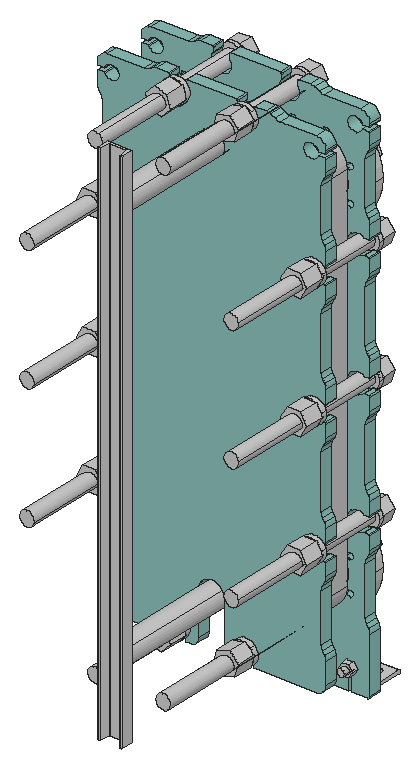
Revit family "Ekin_Endüstriyel - MIT522", category Specialty Equipment, Revit 2022
Family settings
  Round Connector Dimension = Use Diameter
  Part Type = Normal
  Work Plane-Based = No
  Always vertical = No
  Cut with Voids When Loaded = No
  Maintain Annotation Orientation = No
  Shared = No
  Room Calculation Point = No
Parameters (values of type "Flanged")
  URL = "https://en.ekinendustriyel.com/plate-heat-exchanger"
  Type Comments = ""
  Thickness_of_Plate = 0.50 mm  # constant formula
  Number_of_Plate [instance] = 20
  Model = if(Hygienic, if(Design Pressure < 11.0 bar, "H12340000F100L", if(Design Pressure < 16.0 bar, " H12340000F100M", " H12340000F100H")), if(Design Pressure < 10.0 bar, "E12340000F100L", if(Design Pressure < 16.0 bar, " E12340000F100M", " E12340000F100H")))  # "H12340000F100L"
  Material = Galvanized Steel- S235JR
  Manufacturer = "Ekin Endüstriyel"
  Lk [instance] = (Number_of_Plate) * ((Thickness_of_Plate) + 3.90 mm)  # 88.00 mm
  Lh [instance] = 1090.00 mm  # constant formula
  Lf [instance] = 1035.00 mm  # constant formula
  Lc [instance] = if(Number_of_Plate < 26, 350.00 mm, if(Number_of_Plate < 46, 500.00 mm, if(Number_of_Plate < 71, 750.00 mm, if(Number_of_Plate < 101, 1000.00 mm, if(Number_of_Plate < 131, 1250.00 mm, if(Number_of_Plate < 171, 1500.00 mm, if(Number_of_Plate < 211, 1750.00 mm, 2000.00 mm)))))))  # 350.00 mm
  La [instance] = 470.00 mm  # constant formula
  Keynote = ""
  Industrial = not(Hygienic)  # no
  Hygienic = yes
  Head & Follower Plate [instance] = if(Design Pressure < 11.0 bar, 25.00 mm, if(Design Pressure < 17.0 bar, 35.00 mm, 45.00 mm))  # 25.00 mm
  Follower Plate [instance] = -(Head & Follower Plate)  # -25.00 mm
  Design Pressure = 6.89476 bar
  Description = if(Design Pressure < 11.0 bar, "MIT - Heat Exchanger - 10 bar", if(Design Pressure < 16.0 bar, " MIT - Heat Exchanger - 16 bar", " MIT - Heat Exchanger - 25 bar"))  # "MIT - Heat Exchanger - 10 bar"
  Default Elevation = 0.00 mm
Reference planes
  plane 1 "Center (Front/Back)": y = 0
  plane 2: z = 0
  plane 3 "Center (Left/Right)": x = 0
  plane 4: x = 1160
  plane 5: x = -1000
  plane 6 "2": y = -113
  plane 7 "1": y = -25
  plane 8 "3": y = -375
  plane 9 "Bolt End": y = 18.7
  plane 10: y = -350
Forms (mm)
  Extrusion 1, solid, material "Galvanized Steel", detail levels fine
    sketch origin (4.063, 0, 0) x (1, 0, 0) y (0, 0, 1)
      loop
        line (82.957, 1088) -> (82.957, 1078.933)
        arc (82.957, 1078.933) -> (83.045, 1078.344) -> (83.303, 1077.808) r 2
        arc (83.303, 1077.808) -> (65.937, 1045) -> (48.571, 1077.808) r 21
        arc (48.571, 1077.808) -> (48.829, 1078.344) -> (48.917, 1078.933) r 2
        line (48.917, 1078.933) -> (48.917, 1088)
        arc (48.917, 1088) -> (48.332, 1089.414) -> (46.917, 1090) r 2
        line (46.917, 1090) -> (-55.043, 1090)
        arc (-55.043, 1090) -> (-56.458, 1089.414) -> (-57.043, 1088) r 2
        line (-57.043, 1088) -> (-57.043, 1078.933)
        arc (-57.043, 1078.933) -> (-56.955, 1078.344) -> (-56.697, 1077.808) r 2
        arc (-56.697, 1077.808) -> (-74.063, 1045) -> (-91.429, 1077.808) r 21
        arc (-91.429, 1077.808) -> (-91.171, 1078.344) -> (-91.083, 1078.933) r 2
        line (-91.083, 1078.933) -> (-91.083, 1088)
        arc (-91.083, 1088) -> (-91.668, 1089.414) -> (-93.083, 1090) r 2
        line (-93.083, 1090) -> (-116.204, 1090)
        arc (-116.204, 1090) -> (-121.38, 1089.319) -> (-126.204, 1087.321) r 20
        line (-126.204, 1087.321) -> (-134.243, 1082.679)
        arc (-134.243, 1082.679) -> (-139.066, 1080.681) -> (-144.243, 1080) r 20
        line (-144.243, 1080) -> (-219.063, 1080)
        arc (-219.063, 1080) -> (-233.205, 1074.142) -> (-239.063, 1060) r 20
        line (-239.063, 1060) -> (-239.063, 1055)
        arc (-239.063, 1055) -> (-238.477, 1053.586) -> (-237.063, 1053) r 2
        line (-237.063, 1053) -> (-224.969, 1053)
        arc (-224.969, 1053) -> (-223.831, 1053.355) -> (-223.098, 1054.294) r 2
        arc (-223.098, 1054.294) -> (-194.063, 1049) -> (-223.098, 1043.706) r 15
        arc (-223.098, 1043.706) -> (-223.831, 1044.645) -> (-224.969, 1045) r 2
        line (-224.969, 1045) -> (-237.063, 1045)
        arc (-237.063, 1045) -> (-238.477, 1044.414) -> (-239.063, 1043) r 2
        line (-239.063, 1043) -> (-239.063, 1019.179)
        arc (-239.063, 1019.179) -> (-238.382, 1014.003) -> (-236.384, 1009.179) r 20
        line (-236.384, 1009.179) -> (-231.743, 1001.141)
        arc (-231.743, 1001.141) -> (-229.745, 996.317) -> (-229.063, 991.141) r 20
        line (-229.063, 991.141) -> (-229.063, 901.859)
        arc (-229.063, 901.859) -> (-229.745, 896.683) -> (-231.743, 891.859) r 20
        line (-231.743, 891.859) -> (-236.384, 883.821)
        arc (-236.384, 883.821) -> (-238.382, 878.997) -> (-239.063, 873.821) r 20
        line (-239.063, 873.821) -> (-239.063, 847.25)
        arc (-239.063, 847.25) -> (-238.477, 845.836) -> (-237.063, 845.25) r 2
        line (-237.063, 845.25) -> (-228.061, 845.25)
        arc (-228.061, 845.25) -> (-227.418, 845.356) -> (-226.844, 845.663) r 2
        arc (-226.844, 845.663) -> (-193.063, 829) -> (-226.844, 812.337) r 21
        arc (-226.844, 812.337) -> (-227.418, 812.644) -> (-228.061, 812.75) r 2
        line (-228.061, 812.75) -> (-237.063, 812.75)
        arc (-237.063, 812.75) -> (-238.477, 812.164) -> (-239.063, 810.75) r 2
        line (-239.063, 810.75) -> (-239.063, 784.179)
        arc (-239.063, 784.179) -> (-238.382, 779.003) -> (-236.384, 774.179) r 20
        line (-236.384, 774.179) -> (-231.743, 766.141)
        arc (-231.743, 766.141) -> (-229.745, 761.317) -> (-229.063, 756.141) r 20
        line (-229.063, 756.141) -> (-229.063, 646.859)
        arc (-229.063, 646.859) -> (-229.745, 641.683) -> (-231.743, 636.859) r 20
        line (-231.743, 636.859) -> (-236.384, 628.821)
        arc (-236.384, 628.821) -> (-238.382, 623.997) -> (-239.063, 618.821) r 20
        line (-239.063, 618.821) -> (-239.063, 592.25)
        arc (-239.063, 592.25) -> (-238.477, 590.836) -> (-237.063, 590.25) r 2
        line (-237.063, 590.25) -> (-228.061, 590.25)
        arc (-228.061, 590.25) -> (-227.418, 590.356) -> (-226.844, 590.663) r 2
        arc (-226.844, 590.663) -> (-193.063, 574) -> (-226.844, 557.337) r 21
        arc (-226.844, 557.337) -> (-227.418, 557.644) -> (-228.061, 557.75) r 2
        line (-228.061, 557.75) -> (-237.063, 557.75)
        arc (-237.063, 557.75) -> (-238.477, 557.164) -> (-239.063, 555.75) r 2
        line (-239.063, 555.75) -> (-239.063, 529.179)
        arc (-239.063, 529.179) -> (-238.382, 524.003) -> (-236.384, 519.179) r 20
        line (-236.384, 519.179) -> (-231.743, 511.141)
        arc (-231.743, 511.141) -> (-229.745, 506.317) -> (-229.063, 501.141) r 20
        line (-229.063, 501.141) -> (-229.063, 391.859)
        arc (-229.063, 391.859) -> (-229.745, 386.683) -> (-231.743, 381.859) r 20
        line (-231.743, 381.859) -> (-236.384, 373.821)
        arc (-236.384, 373.821) -> (-238.382, 368.997) -> (-239.063, 363.821) r 20
        line (-239.063, 363.821) -> (-239.063, 337.25)
        arc (-239.063, 337.25) -> (-238.477, 335.836) -> (-237.063, 335.25) r 2
        line (-237.063, 335.25) -> (-228.061, 335.25)
        arc (-228.061, 335.25) -> (-227.418, 335.356) -> (-226.844, 335.663) r 2
        arc (-226.844, 335.663) -> (-193.063, 319) -> (-226.844, 302.337) r 21
        arc (-226.844, 302.337) -> (-227.418, 302.644) -> (-228.061, 302.75) r 2
        line (-228.061, 302.75) -> (-237.063, 302.75)
        arc (-237.063, 302.75) -> (-238.477, 302.164) -> (-239.063, 300.75) r 2
        line (-239.063, 300.75) -> (-239.063, 274.179)
        arc (-239.063, 274.179) -> (-238.382, 269.003) -> (-236.384, 264.179) r 20
        line (-236.384, 264.179) -> (-231.743, 256.141)
        arc (-231.743, 256.141) -> (-229.745, 251.317) -> (-229.063, 246.141) r 20
        line (-229.063, 246.141) -> (-229.063, 146.859)
        arc (-229.063, 146.859) -> (-229.745, 141.683) -> (-231.743, 136.859) r 20
        line (-231.743, 136.859) -> (-236.384, 128.821)
        arc (-236.384, 128.821) -> (-238.382, 123.997) -> (-239.063, 118.821) r 20
        line (-239.063, 118.821) -> (-239.063, 5)
        arc (-239.063, 5) -> (-237.599, 1.464) -> (-234.063, 0) r 5
        line (-234.063, 0) -> (-202.063, 0) -> (-202.063, 34.417)
        arc (-202.063, 34.417) -> (-199.063, 56) -> (-196.063, 34.417) r 11
        line (-196.063, 34.417) -> (-196.063, 0) -> (-164.063, 0)
        arc (-164.063, 0) -> (-160.527, 1.464) -> (-159.063, 5) r 5
        line (-159.063, 5) -> (-159.063, 19.216)
        arc (-159.063, 19.216) -> (-157.541, 26.869) -> (-153.205, 33.358) r 20
        line (-153.205, 33.358) -> (-137.421, 49.142)
        arc (-137.421, 49.142) -> (-130.932, 53.478) -> (-123.279, 55) r 20
        line (-123.279, 55) -> (-92.313, 55)
        arc (-92.313, 55) -> (-90.899, 55.586) -> (-90.313, 57) r 2
        line (-90.313, 57) -> (-90.313, 66.002)
        arc (-90.313, 66.002) -> (-90.419, 66.645) -> (-90.726, 67.219) r 2
        arc (-90.726, 67.219) -> (-74.063, 101) -> (-57.4, 67.219) r 21
        arc (-57.4, 67.219) -> (-57.707, 66.645) -> (-57.813, 66.002) r 2
        line (-57.813, 66.002) -> (-57.813, 57)
        arc (-57.813, 57) -> (-57.227, 55.586) -> (-55.813, 55) r 2
        line (-55.813, 55) -> (47.687, 55)
        arc (47.687, 55) -> (49.101, 55.586) -> (49.687, 57) r 2
        line (49.687, 57) -> (49.687, 66.002)
        arc (49.687, 66.002) -> (49.581, 66.645) -> (49.274, 67.219) r 2
        arc (49.274, 67.219) -> (65.937, 101) -> (82.6, 67.219) r 21
        arc (82.6, 67.219) -> (82.293, 66.645) -> (82.187, 66.002) r 2
        line (82.187, 66.002) -> (82.187, 57)
        arc (82.187, 57) -> (82.773, 55.586) -> (84.187, 55) r 2
        line (84.187, 55) -> (115.153, 55)
        arc (115.153, 55) -> (122.806, 53.478) -> (129.295, 49.142) r 20
        line (129.295, 49.142) -> (145.079, 33.358)
        arc (145.079, 33.358) -> (149.415, 26.869) -> (150.937, 19.216) r 20
        line (150.937, 19.216) -> (150.937, 5)
        arc (150.937, 5) -> (152.401, 1.464) -> (155.937, 0) r 5
        line (155.937, 0) -> (187.937, 0) -> (187.937, 34.417)
        arc (187.937, 34.417) -> (190.937, 56) -> (193.937, 34.417) r 11
        line (193.937, 34.417) -> (193.937, 0) -> (225.937, 0)
        arc (225.937, 0) -> (229.473, 1.464) -> (230.937, 5) r 5
        line (230.937, 5) -> (230.937, 118.821)
        arc (230.937, 118.821) -> (230.255, 123.997) -> (228.257, 128.821) r 20
        line (228.257, 128.821) -> (223.616, 136.859)
        arc (223.616, 136.859) -> (221.618, 141.683) -> (220.937, 146.859) r 20
        line (220.937, 146.859) -> (220.937, 246.141)
        arc (220.937, 246.141) -> (221.618, 251.317) -> (223.616, 256.141) r 20
        line (223.616, 256.141) -> (228.257, 264.179)
        arc (228.257, 264.179) -> (230.255, 269.003) -> (230.937, 274.179) r 20
        line (230.937, 274.179) -> (230.937, 300.75)
        arc (230.937, 300.75) -> (230.351, 302.164) -> (228.937, 302.75) r 2
        line (228.937, 302.75) -> (219.935, 302.75)
        arc (219.935, 302.75) -> (219.292, 302.644) -> (218.718, 302.337) r 2
        arc (218.718, 302.337) -> (184.937, 319) -> (218.718, 335.663) r 21
        arc (218.718, 335.663) -> (219.292, 335.356) -> (219.935, 335.25) r 2
        line (219.935, 335.25) -> (228.937, 335.25)
        arc (228.937, 335.25) -> (230.351, 335.836) -> (230.937, 337.25) r 2
        line (230.937, 337.25) -> (230.937, 363.821)
        arc (230.937, 363.821) -> (230.255, 368.997) -> (228.257, 373.821) r 20
        line (228.257, 373.821) -> (223.616, 381.859)
        arc (223.616, 381.859) -> (221.618, 386.683) -> (220.937, 391.859) r 20
        line (220.937, 391.859) -> (220.937, 501.141)
        arc (220.937, 501.141) -> (221.618, 506.317) -> (223.616, 511.141) r 20
        line (223.616, 511.141) -> (228.257, 519.179)
        arc (228.257, 519.179) -> (230.255, 524.003) -> (230.937, 529.179) r 20
        line (230.937, 529.179) -> (230.937, 555.75)
        arc (230.937, 555.75) -> (230.351, 557.164) -> (228.937, 557.75) r 2
        line (228.937, 557.75) -> (219.935, 557.75)
        arc (219.935, 557.75) -> (219.292, 557.644) -> (218.718, 557.337) r 2
        arc (218.718, 557.337) -> (184.937, 574) -> (218.718, 590.663) r 21
        arc (218.718, 590.663) -> (219.292, 590.356) -> (219.935, 590.25) r 2
        line (219.935, 590.25) -> (228.937, 590.25)
        arc (228.937, 590.25) -> (230.351, 590.836) -> (230.937, 592.25) r 2
        line (230.937, 592.25) -> (230.937, 618.821)
        arc (230.937, 618.821) -> (230.255, 623.997) -> (228.257, 628.821) r 20
        line (228.257, 628.821) -> (223.616, 636.859)
        arc (223.616, 636.859) -> (221.618, 641.683) -> (220.937, 646.859) r 20
        line (220.937, 646.859) -> (220.937, 756.141)
        arc (220.937, 756.141) -> (221.618, 761.317) -> (223.616, 766.141) r 20
        line (223.616, 766.141) -> (228.257, 774.179)
        arc (228.257, 774.179) -> (230.255, 779.003) -> (230.937, 784.179) r 20
        line (230.937, 784.179) -> (230.937, 810.75)
        arc (230.937, 810.75) -> (230.351, 812.164) -> (228.937, 812.75) r 2
        line (228.937, 812.75) -> (219.935, 812.75)
        arc (219.935, 812.75) -> (219.292, 812.644) -> (218.718, 812.337) r 2
        arc (218.718, 812.337) -> (184.937, 829) -> (218.718, 845.663) r 21
        arc (218.718, 845.663) -> (219.292, 845.356) -> (219.935, 845.25) r 2
        line (219.935, 845.25) -> (228.937, 845.25)
        arc (228.937, 845.25) -> (230.351, 845.836) -> (230.937, 847.25) r 2
        line (230.937, 847.25) -> (230.937, 873.821)
        arc (230.937, 873.821) -> (230.255, 878.997) -> (228.257, 883.821) r 20
        line (228.257, 883.821) -> (223.616, 891.859)
        arc (223.616, 891.859) -> (221.618, 896.683) -> (220.937, 901.859) r 20
        line (220.937, 901.859) -> (220.937, 991.141)
        arc (220.937, 991.141) -> (221.618, 996.317) -> (223.616, 1001.141) r 20
        line (223.616, 1001.141) -> (228.257, 1009.179)
        arc (228.257, 1009.179) -> (230.255, 1014.003) -> (230.937, 1019.179) r 20
        line (230.937, 1019.179) -> (230.937, 1043)
        arc (230.937, 1043) -> (230.351, 1044.414) -> (228.937, 1045) r 2
        line (228.937, 1045) -> (216.843, 1045)
        arc (216.843, 1045) -> (215.705, 1044.645) -> (214.972, 1043.706) r 2
        arc (214.972, 1043.706) -> (185.937, 1049) -> (214.972, 1054.294) r 15
        arc (214.972, 1054.294) -> (215.705, 1053.355) -> (216.843, 1053) r 2
        line (216.843, 1053) -> (228.937, 1053)
        arc (228.937, 1053) -> (230.351, 1053.586) -> (230.937, 1055) r 2
        line (230.937, 1055) -> (230.937, 1060)
        arc (230.937, 1060) -> (225.079, 1074.142) -> (210.937, 1080) r 20
        line (210.937, 1080) -> (136.116, 1080)
        arc (136.116, 1080) -> (130.94, 1080.681) -> (126.116, 1082.679) r 20
        line (126.116, 1082.679) -> (118.078, 1087.321)
        arc (118.078, 1087.321) -> (113.254, 1089.319) -> (108.078, 1090) r 20
        line (108.078, 1090) -> (84.957, 1090)
        arc (84.957, 1090) -> (83.542, 1089.414) -> (82.957, 1088) r 2
      loop
        circle (142.128, 1016.149) r 7
      loop
        circle (190.836, 967.442) r 7
      loop
        circle (190.836, 898.558) r 7
      loop
        circle (142.128, 849.851) r 7
      loop
        circle (73.245, 1016.149) r 7
      loop
        circle (24.538, 967.442) r 7
      loop
        circle (24.538, 898.558) r 7
      loop
        circle (73.245, 849.851) r 7
      loop
        circle (142.128, 298.149) r 7
      loop
        circle (190.836, 249.442) r 7
      loop
        circle (190.836, 180.558) r 7
      loop
        circle (142.128, 131.851) r 7
      loop
        circle (73.245, 298.149) r 7
      loop
        circle (24.538, 249.442) r 7
      loop
        circle (24.538, 180.558) r 7
      loop
        circle (73.245, 131.851) r 7
      loop
        circle (107.687, 933) r 77
      loop
        circle (107.687, 215) r 77
      loop
        circle (-4.063, 156) r 6.25
      loop
        circle (-4.063, 992) r 6.25
      loop
        circle (-150.255, 1016.149) r 7
      loop
        circle (-198.962, 967.442) r 7
      loop
        circle (-198.962, 898.558) r 7
      loop
        circle (-150.255, 849.851) r 7
      loop
        circle (-81.372, 1016.149) r 7
      loop
        circle (-32.664, 967.442) r 7
      loop
        circle (-32.664, 898.558) r 7
      loop
        circle (-81.372, 849.851) r 7
      loop
        circle (-150.255, 298.149) r 7
      loop
        circle (-198.962, 249.442) r 7
      loop
        circle (-198.962, 180.558) r 7
      loop
        circle (-150.255, 131.851) r 7
      loop
        circle (-81.372, 298.149) r 7
      loop
        circle (-32.664, 249.442) r 7
      loop
        circle (-32.664, 180.558) r 7
      loop
        circle (-81.372, 131.851) r 7
      loop
        circle (-115.813, 933) r 77
      loop
        circle (-115.813, 215) r 77
    from 0 to 25
  Extrusion 2, solid, material "Galvanized Steel", detail levels fine
    sketch origin (4.063, -113, 0) x (-1, 0, 0) y (0, 0, 1)
      loop
        line (91.083, 1088) -> (91.083, 1078.933)
        arc (91.083, 1078.933) -> (91.171, 1078.344) -> (91.429, 1077.808) r 2
        arc (91.429, 1077.808) -> (74.063, 1045) -> (56.697, 1077.808) r 21
        arc (56.697, 1077.808) -> (56.955, 1078.344) -> (57.043, 1078.933) r 2
        line (57.043, 1078.933) -> (57.043, 1088)
        arc (57.043, 1088) -> (56.458, 1089.414) -> (55.043, 1090) r 2
        line (55.043, 1090) -> (-46.917, 1090)
        arc (-46.917, 1090) -> (-48.332, 1089.414) -> (-48.917, 1088) r 2
        line (-48.917, 1088) -> (-48.917, 1078.933)
        arc (-48.917, 1078.933) -> (-48.829, 1078.344) -> (-48.571, 1077.808) r 2
        arc (-48.571, 1077.808) -> (-65.937, 1045) -> (-83.303, 1077.808) r 21
        arc (-83.303, 1077.808) -> (-83.045, 1078.344) -> (-82.957, 1078.933) r 2
        line (-82.957, 1078.933) -> (-82.957, 1088)
        arc (-82.957, 1088) -> (-83.542, 1089.414) -> (-84.957, 1090) r 2
        line (-84.957, 1090) -> (-108.078, 1090)
        arc (-108.078, 1090) -> (-113.254, 1089.319) -> (-118.078, 1087.321) r 20
        line (-118.078, 1087.321) -> (-126.116, 1082.679)
        arc (-126.116, 1082.679) -> (-130.94, 1080.681) -> (-136.116, 1080) r 20
        line (-136.116, 1080) -> (-210.937, 1080)
        arc (-210.937, 1080) -> (-225.079, 1074.142) -> (-230.937, 1060) r 20
        line (-230.937, 1060) -> (-230.937, 1055)
        arc (-230.937, 1055) -> (-230.351, 1053.586) -> (-228.937, 1053) r 2
        line (-228.937, 1053) -> (-216.843, 1053)
        arc (-216.843, 1053) -> (-215.705, 1053.355) -> (-214.972, 1054.294) r 2
        arc (-214.972, 1054.294) -> (-185.937, 1049) -> (-214.972, 1043.706) r 15
        arc (-214.972, 1043.706) -> (-215.705, 1044.645) -> (-216.843, 1045) r 2
        line (-216.843, 1045) -> (-228.937, 1045)
        arc (-228.937, 1045) -> (-230.351, 1044.414) -> (-230.937, 1043) r 2
        line (-230.937, 1043) -> (-230.937, 1019.179)
        arc (-230.937, 1019.179) -> (-230.255, 1014.003) -> (-228.257, 1009.179) r 20
        line (-228.257, 1009.179) -> (-223.616, 1001.141)
        arc (-223.616, 1001.141) -> (-221.618, 996.317) -> (-220.937, 991.141) r 20
        line (-220.937, 991.141) -> (-220.937, 901.859)
        arc (-220.937, 901.859) -> (-221.618, 896.683) -> (-223.616, 891.859) r 20
        line (-223.616, 891.859) -> (-228.257, 883.821)
        arc (-228.257, 883.821) -> (-230.255, 878.997) -> (-230.937, 873.821) r 20
        line (-230.937, 873.821) -> (-230.937, 847.25)
        arc (-230.937, 847.25) -> (-230.351, 845.836) -> (-228.937, 845.25) r 2
        line (-228.937, 845.25) -> (-219.935, 845.25)
        arc (-219.935, 845.25) -> (-219.292, 845.356) -> (-218.718, 845.663) r 2
        arc (-218.718, 845.663) -> (-184.937, 829) -> (-218.718, 812.337) r 21
        arc (-218.718, 812.337) -> (-219.292, 812.644) -> (-219.935, 812.75) r 2
        line (-219.935, 812.75) -> (-228.937, 812.75)
        arc (-228.937, 812.75) -> (-230.351, 812.164) -> (-230.937, 810.75) r 2
        line (-230.937, 810.75) -> (-230.937, 784.179)
        arc (-230.937, 784.179) -> (-230.255, 779.003) -> (-228.257, 774.179) r 20
        line (-228.257, 774.179) -> (-223.616, 766.141)
        arc (-223.616, 766.141) -> (-221.618, 761.317) -> (-220.937, 756.141) r 20
        line (-220.937, 756.141) -> (-220.937, 646.859)
        arc (-220.937, 646.859) -> (-221.618, 641.683) -> (-223.616, 636.859) r 20
        line (-223.616, 636.859) -> (-228.257, 628.821)
        arc (-228.257, 628.821) -> (-230.255, 623.997) -> (-230.937, 618.821) r 20
        line (-230.937, 618.821) -> (-230.937, 592.25)
        arc (-230.937, 592.25) -> (-230.351, 590.836) -> (-228.937, 590.25) r 2
        line (-228.937, 590.25) -> (-219.935, 590.25)
        arc (-219.935, 590.25) -> (-219.292, 590.356) -> (-218.718, 590.663) r 2
        arc (-218.718, 590.663) -> (-184.937, 574) -> (-218.718, 557.337) r 21
        arc (-218.718, 557.337) -> (-219.292, 557.644) -> (-219.935, 557.75) r 2
        line (-219.935, 557.75) -> (-228.937, 557.75)
        arc (-228.937, 557.75) -> (-230.351, 557.164) -> (-230.937, 555.75) r 2
        line (-230.937, 555.75) -> (-230.937, 529.179)
        arc (-230.937, 529.179) -> (-230.255, 524.003) -> (-228.257, 519.179) r 20
        line (-228.257, 519.179) -> (-223.616, 511.141)
        arc (-223.616, 511.141) -> (-221.618, 506.317) -> (-220.937, 501.141) r 20
        line (-220.937, 501.141) -> (-220.937, 391.859)
        arc (-220.937, 391.859) -> (-221.618, 386.683) -> (-223.616, 381.859) r 20
        line (-223.616, 381.859) -> (-228.257, 373.821)
        arc (-228.257, 373.821) -> (-230.255, 368.997) -> (-230.937, 363.821) r 20
        line (-230.937, 363.821) -> (-230.937, 337.25)
        arc (-230.937, 337.25) -> (-230.351, 335.836) -> (-228.937, 335.25) r 2
        line (-228.937, 335.25) -> (-219.935, 335.25)
        arc (-219.935, 335.25) -> (-219.292, 335.356) -> (-218.718, 335.663) r 2
        arc (-218.718, 335.663) -> (-184.937, 319) -> (-218.718, 302.337) r 21
        arc (-218.718, 302.337) -> (-219.292, 302.644) -> (-219.935, 302.75) r 2
        line (-219.935, 302.75) -> (-228.937, 302.75)
        arc (-228.937, 302.75) -> (-230.351, 302.164) -> (-230.937, 300.75) r 2
        line (-230.937, 300.75) -> (-230.937, 274.179)
        arc (-230.937, 274.179) -> (-230.255, 269.003) -> (-228.257, 264.179) r 20
        line (-228.257, 264.179) -> (-223.616, 256.141)
        arc (-223.616, 256.141) -> (-221.618, 251.317) -> (-220.937, 246.141) r 20
        line (-220.937, 246.141) -> (-220.937, 146.859)
        arc (-220.937, 146.859) -> (-221.618, 141.683) -> (-223.616, 136.859) r 20
        line (-223.616, 136.859) -> (-228.257, 128.821)
        arc (-228.257, 128.821) -> (-230.255, 123.997) -> (-230.937, 118.821) r 20
        line (-230.937, 118.821) -> (-230.937, 75)
        arc (-230.937, 75) -> (-225.079, 60.858) -> (-210.937, 55) r 20
        line (-210.937, 55) -> (-84.187, 55)
        arc (-84.187, 55) -> (-82.773, 55.586) -> (-82.187, 57) r 2
        line (-82.187, 57) -> (-82.187, 66.002)
        arc (-82.187, 66.002) -> (-82.293, 66.645) -> (-82.6, 67.219) r 2
        arc (-82.6, 67.219) -> (-65.937, 101) -> (-49.274, 67.219) r 21
        arc (-49.274, 67.219) -> (-49.581, 66.645) -> (-49.687, 66.002) r 2
        line (-49.687, 66.002) -> (-49.687, 57)
        arc (-49.687, 57) -> (-49.101, 55.586) -> (-47.687, 55) r 2
        line (-47.687, 55) -> (-37.437, 55)
        arc (-37.437, 55) -> (-26.83, 59.393) -> (-22.437, 70) r 15
        line (-22.437, 70) -> (-22.437, 161)
        arc (-22.437, 161) -> (4.063, 187.5) -> (30.563, 161) r 26.5
        line (30.563, 161) -> (30.563, 70)
        arc (30.563, 70) -> (34.956, 59.393) -> (45.563, 55) r 15
        line (45.563, 55) -> (55.813, 55)
        arc (55.813, 55) -> (57.227, 55.586) -> (57.813, 57) r 2
        line (57.813, 57) -> (57.813, 66.002)
        arc (57.813, 66.002) -> (57.707, 66.645) -> (57.4, 67.219) r 2
        arc (57.4, 67.219) -> (74.063, 101) -> (90.726, 67.219) r 21
        arc (90.726, 67.219) -> (90.419, 66.645) -> (90.313, 66.002) r 2
        line (90.313, 66.002) -> (90.313, 57)
        arc (90.313, 57) -> (90.899, 55.586) -> (92.313, 55) r 2
        line (92.313, 55) -> (219.063, 55)
        arc (219.063, 55) -> (233.205, 60.858) -> (239.063, 75) r 20
        line (239.063, 75) -> (239.063, 118.821)
        arc (239.063, 118.821) -> (238.382, 123.997) -> (236.384, 128.821) r 20
        line (236.384, 128.821) -> (231.743, 136.859)
        arc (231.743, 136.859) -> (229.745, 141.683) -> (229.063, 146.859) r 20
        line (229.063, 146.859) -> (229.063, 246.141)
        arc (229.063, 246.141) -> (229.745, 251.317) -> (231.743, 256.141) r 20
        line (231.743, 256.141) -> (236.384, 264.179)
        arc (236.384, 264.179) -> (238.382, 269.003) -> (239.063, 274.179) r 20
        line (239.063, 274.179) -> (239.063, 300.75)
        arc (239.063, 300.75) -> (238.477, 302.164) -> (237.063, 302.75) r 2
        line (237.063, 302.75) -> (228.061, 302.75)
        arc (228.061, 302.75) -> (227.418, 302.644) -> (226.844, 302.337) r 2
        arc (226.844, 302.337) -> (193.063, 319) -> (226.844, 335.663) r 21
        arc (226.844, 335.663) -> (227.418, 335.356) -> (228.061, 335.25) r 2
        line (228.061, 335.25) -> (237.063, 335.25)
        arc (237.063, 335.25) -> (238.477, 335.836) -> (239.063, 337.25) r 2
        line (239.063, 337.25) -> (239.063, 363.821)
        arc (239.063, 363.821) -> (238.382, 368.997) -> (236.384, 373.821) r 20
        line (236.384, 373.821) -> (231.743, 381.859)
        arc (231.743, 381.859) -> (229.745, 386.683) -> (229.063, 391.859) r 20
        line (229.063, 391.859) -> (229.063, 501.141)
        arc (229.063, 501.141) -> (229.745, 506.317) -> (231.743, 511.141) r 20
        line (231.743, 511.141) -> (236.384, 519.179)
        arc (236.384, 519.179) -> (238.382, 524.003) -> (239.063, 529.179) r 20
        line (239.063, 529.179) -> (239.063, 555.75)
        arc (239.063, 555.75) -> (238.477, 557.164) -> (237.063, 557.75) r 2
        line (237.063, 557.75) -> (228.061, 557.75)
        arc (228.061, 557.75) -> (227.418, 557.644) -> (226.844, 557.337) r 2
        arc (226.844, 557.337) -> (193.063, 574) -> (226.844, 590.663) r 21
        arc (226.844, 590.663) -> (227.418, 590.356) -> (228.061, 590.25) r 2
        line (228.061, 590.25) -> (237.063, 590.25)
        arc (237.063, 590.25) -> (238.477, 590.836) -> (239.063, 592.25) r 2
        line (239.063, 592.25) -> (239.063, 618.821)
        arc (239.063, 618.821) -> (238.382, 623.997) -> (236.384, 628.821) r 20
        line (236.384, 628.821) -> (231.743, 636.859)
        arc (231.743, 636.859) -> (229.745, 641.683) -> (229.063, 646.859) r 20
        line (229.063, 646.859) -> (229.063, 756.141)
        arc (229.063, 756.141) -> (229.745, 761.317) -> (231.743, 766.141) r 20
        line (231.743, 766.141) -> (236.384, 774.179)
        arc (236.384, 774.179) -> (238.382, 779.003) -> (239.063, 784.179) r 20
        line (239.063, 784.179) -> (239.063, 810.75)
        arc (239.063, 810.75) -> (238.477, 812.164) -> (237.063, 812.75) r 2
        line (237.063, 812.75) -> (228.061, 812.75)
        arc (228.061, 812.75) -> (227.418, 812.644) -> (226.844, 812.337) r 2
        arc (226.844, 812.337) -> (193.063, 829) -> (226.844, 845.663) r 21
        arc (226.844, 845.663) -> (227.418, 845.356) -> (228.061, 845.25) r 2
        line (228.061, 845.25) -> (237.063, 845.25)
        arc (237.063, 845.25) -> (238.477, 845.836) -> (239.063, 847.25) r 2
        line (239.063, 847.25) -> (239.063, 873.821)
        arc (239.063, 873.821) -> (238.382, 878.997) -> (236.384, 883.821) r 20
        line (236.384, 883.821) -> (231.743, 891.859)
        arc (231.743, 891.859) -> (229.745, 896.683) -> (229.063, 901.859) r 20
        line (229.063, 901.859) -> (229.063, 991.141)
        arc (229.063, 991.141) -> (229.745, 996.317) -> (231.743, 1001.141) r 20
        line (231.743, 1001.141) -> (236.384, 1009.179)
        arc (236.384, 1009.179) -> (238.382, 1014.003) -> (239.063, 1019.179) r 20
        line (239.063, 1019.179) -> (239.063, 1043)
        arc (239.063, 1043) -> (238.477, 1044.414) -> (237.063, 1045) r 2
        line (237.063, 1045) -> (224.969, 1045)
        arc (224.969, 1045) -> (223.831, 1044.645) -> (223.098, 1043.706) r 2
        arc (223.098, 1043.706) -> (194.063, 1049) -> (223.098, 1054.294) r 15
        arc (223.098, 1054.294) -> (223.831, 1053.355) -> (224.969, 1053) r 2
        line (224.969, 1053) -> (237.063, 1053)
        arc (237.063, 1053) -> (238.477, 1053.586) -> (239.063, 1055) r 2
        line (239.063, 1055) -> (239.063, 1060)
        arc (239.063, 1060) -> (233.205, 1074.142) -> (219.063, 1080) r 20
        line (219.063, 1080) -> (144.243, 1080)
        arc (144.243, 1080) -> (139.066, 1080.681) -> (134.243, 1082.679) r 20
        line (134.243, 1082.679) -> (126.204, 1087.321)
        arc (126.204, 1087.321) -> (121.38, 1089.319) -> (116.204, 1090) r 20
        line (116.204, 1090) -> (93.083, 1090)
        arc (93.083, 1090) -> (91.668, 1089.414) -> (91.083, 1088) r 2
      loop
        circle (4.063, 992) r 25
    from 0 to -25 <- "Follower Plate"
  Extrusion 3, solid, material "AISI 316L/Titanium/Hastelloy", detail levels fine
    sketch origin (0, -25, 0) x (-1, 0, 0) y (0, 0, 1)
      loop
        line (-26.15, 1007.5) -> (-137.5, 1007.5)
        arc (-137.5, 1007.5) -> (-172.855, 992.855) -> (-187.5, 957.5) r 50
        line (-187.5, 957.5) -> (-187.5, 190.5)
        arc (-187.5, 190.5) -> (-172.855, 155.145) -> (-137.5, 140.5) r 50
        line (-137.5, 140.5) -> (-26.15, 140.5) -> (-24.15, 142.5) -> (-24.15, 146.5) -> (-25.15, 148.5) -> (-25.15, 158.35)
        arc (-25.15, 158.35) -> (-20.029, 173.561) -> (-6.75, 182.577) r 25.15
        line (-6.75, 182.577) -> (-6.75, 190.5) -> (6.75, 190.5) -> (6.75, 182.577)
        arc (6.75, 182.577) -> (20.029, 173.561) -> (25.15, 158.35) r 25.15
        line (25.15, 158.35) -> (25.15, 148.5) -> (24.15, 146.5) -> (24.15, 142.5) -> (26.15, 140.5) -> (137.5, 140.5)
        arc (137.5, 140.5) -> (172.855, 155.145) -> (187.5, 190.5) r 50
        line (187.5, 190.5) -> (187.5, 957.5)
        arc (187.5, 957.5) -> (172.855, 992.855) -> (137.5, 1007.5) r 50
        line (137.5, 1007.5) -> (26.15, 1007.5) -> (24.15, 1005.5) -> (24.15, 1001.5) -> (25.15, 999.5) -> (25.15, 989.65)
        arc (25.15, 989.65) -> (20.029, 974.439) -> (6.75, 965.423) r 25.15
        line (6.75, 965.423) -> (6.75, 957.5) -> (-6.75, 957.5) -> (-6.75, 965.423)
        arc (-6.75, 965.423) -> (-20.029, 974.439) -> (-25.15, 989.65) r 25.15
        line (-25.15, 989.65) -> (-25.15, 999.5) -> (-24.15, 1001.5) -> (-24.15, 1005.5) -> (-26.15, 1007.5)
    from 0 to -88
  Extrusion 4, solid, material "Galvanized Steel- S235JR"
    sketch origin (0, 0, 0) x (1, 0, 0) y (0, 0, 1)
      loop
        circle (0, 992) r 25
      loop
        circle (0, 156) r 25
    from 25 to 375
  Extrusion 5, solid, material "Galvanized Steel- S235JR"
    sketch origin (0, 0, 0) x (1, 0, 0) y (0, 0, 1)
      loop
        circle (70, 1066) r 15
      loop
        circle (210, 829) r 15
      loop
        circle (210, 574) r 15
      loop
        circle (210, 319) r 15
      loop
        circle (70, 80) r 15
      loop
        circle (-70, 1066) r 15
      loop
        circle (-210, 829) r 15
      loop
        circle (-210, 574) r 15
      loop
        circle (-210, 319) r 15
      loop
        circle (-70, 80) r 15
    from 0 to 350
  Extrusion 6, solid, material "Galvanized Steel- S235JR", detail levels fine
    sketch origin (0, 0, 0) x (1, 0, 0) y (0, 0, 1)
      loop
        line (201.928, 57) -> (188.072, 57) -> (181.144, 45) -> (188.072, 33) -> (201.928, 33) -> (208.856, 45) -> (201.928, 57)
      loop
        line (-201.928, 57) -> (-208.856, 45) -> (-201.928, 33) -> (-188.072, 33) -> (-181.144, 45) -> (-188.072, 57) -> (-201.928, 57)
    from -10 to -20
  Extrusion 7, solid, material "Galvanized Steel- S235JR", detail levels fine
    sketch origin (0, 0, 0) x (1, 0, 0) y (0, 0, 1)
      loop
        circle (195, 45) r 15
      loop
        circle (-195, 45) r 15
    from -10 to -7.5
  Extrusion 8, solid, material "Galvanized Steel- S235JR", detail levels fine
    sketch origin (0, 0, 0) x (1, 0, 0) y (0, 0, 1)
      loop
        circle (195.004, 45) r 7
      loop
        circle (-195.004, 45) r 7
    from 49.8 to -7.5
  Extrusion 9, solid, material "Galvanized Steel- S235JR", detail levels fine
    sketch origin (0, 0, 0) x (1, 0, 0) y (0, 0, 1)
      loop
        line (201.928, 57) -> (188.072, 57) -> (181.144, 45) -> (188.072, 33) -> (201.928, 33) -> (208.856, 45) -> (201.928, 57)
      loop
        line (-201.928, 57) -> (-208.856, 45) -> (-201.928, 33) -> (-188.072, 33) -> (-181.144, 45) -> (-188.072, 57) -> (-201.928, 57)
    from 37.6 to 25
  Extrusion 10, solid, material "Galvanized Steel- S235JR", detail levels fine
    sketch origin (0, 0, 0) x (1, 0, 0) y (0, 0, 1)
      loop
        circle (-111.75, 933) r 40
      loop
        circle (-111.75, 215) r 40
      loop
        circle (111.75, 933) r 40
      loop
        circle (111.75, 215) r 40
      loop
        circle (-111.75, 933) r 77
      loop
        circle (111.75, 933) r 77
      loop
        circle (111.75, 215) r 77
      loop
        circle (-111.75, 215) r 77
    from -7.5 to 25
  Extrusion 11, solid, material "Galvanized Steel- S235JR", detail levels fine
    sketch origin (0, 0, 0) x (1, 0, 0) y (0, 0, 1)
      loop
        circle (194.899, 180.558) r 15
      loop
        circle (146.192, 131.851) r 15
      loop
        circle (194.899, 249.442) r 15
      loop
        circle (146.192, 298.149) r 15
      loop
        circle (28.601, 180.558) r 15
      loop
        circle (77.308, 131.851) r 15
      loop
        circle (28.601, 249.442) r 15
      loop
        circle (77.308, 298.149) r 15
      loop
        circle (-194.899, 180.558) r 15
      loop
        circle (-146.192, 131.851) r 15
      loop
        circle (-194.899, 249.442) r 15
      loop
        circle (-146.192, 298.149) r 15
      loop
        circle (-28.601, 180.558) r 15
      loop
        circle (-77.308, 131.851) r 15
      loop
        circle (-28.601, 249.442) r 15
      loop
        circle (-77.308, 298.149) r 15
      loop
        circle (194.899, 898.558) r 15
      loop
        circle (146.192, 849.851) r 15
      loop
        circle (194.899, 967.442) r 15
      loop
        circle (146.192, 1016.149) r 15
      loop
        circle (28.601, 898.558) r 15
      loop
        circle (77.308, 849.851) r 15
      loop
        circle (28.601, 967.442) r 15
      loop
        circle (77.308, 1016.149) r 15
      loop
        circle (-194.899, 898.558) r 15
      loop
        circle (-146.192, 849.851) r 15
      loop
        circle (-194.899, 967.442) r 15
      loop
        circle (-146.192, 1016.149) r 15
      loop
        circle (-28.601, 898.558) r 15
      loop
        circle (-77.308, 849.851) r 15
      loop
        circle (-28.601, 967.442) r 15
      loop
        circle (-77.308, 1016.149) r 15
    from -25.5 to -28.5
  Extrusion 12, solid, material "Galvanized Steel- S235JR", detail levels fine
    sketch origin (0, 0, 0) x (1, 0, 0) y (0, 0, 1)
      loop
        line (185.566, 191.569) -> (180.697, 177.981) -> (190.03, 166.971) -> (204.232, 169.548) -> (209.101, 183.136) -> (199.768, 194.146) -> (185.566, 191.569)
      loop
        line (147.378, 146.236) -> (134.327, 140.07) -> (133.141, 125.685) -> (145.005, 117.466) -> (158.056, 123.631) -> (159.242, 138.016) -> (147.378, 146.236)
      loop
        line (188.734, 262.492) -> (180.514, 250.628) -> (186.68, 237.577) -> (201.065, 236.391) -> (209.284, 248.255) -> (203.119, 261.306) -> (188.734, 262.492)
      loop
        line (143.614, 312.351) -> (132.604, 303.018) -> (135.181, 288.816) -> (148.769, 283.947) -> (159.779, 293.28) -> (157.202, 307.482) -> (143.614, 312.351)
      loop
        line (37.934, 191.569) -> (23.732, 194.146) -> (14.399, 183.136) -> (19.268, 169.548) -> (33.47, 166.971) -> (42.803, 177.981) -> (37.934, 191.569)
      loop
        line (76.122, 146.236) -> (64.258, 138.016) -> (65.444, 123.631) -> (78.495, 117.466) -> (90.359, 125.685) -> (89.173, 140.07) -> (76.122, 146.236)
      loop
        line (34.766, 262.492) -> (20.381, 261.306) -> (14.216, 248.255) -> (22.435, 236.391) -> (36.82, 237.577) -> (42.986, 250.628) -> (34.766, 262.492)
      loop
        line (79.886, 312.351) -> (66.298, 307.482) -> (63.721, 293.28) -> (74.731, 283.947) -> (88.319, 288.816) -> (90.896, 303.018) -> (79.886, 312.351)
      loop
        line (-185.566, 191.569) -> (-199.768, 194.146) -> (-209.101, 183.136) -> (-204.232, 169.548) -> (-190.03, 166.971) -> (-180.697, 177.981) -> (-185.566, 191.569)
      loop
        line (-147.378, 146.236) -> (-159.242, 138.016) -> (-158.056, 123.631) -> (-145.005, 117.466) -> (-133.141, 125.685) -> (-134.327, 140.07) -> (-147.378, 146.236)
      loop
        line (-188.734, 262.492) -> (-203.119, 261.306) -> (-209.284, 248.255) -> (-201.065, 236.391) -> (-186.68, 237.577) -> (-180.514, 250.628) -> (-188.734, 262.492)
      loop
        line (-143.614, 312.351) -> (-157.202, 307.482) -> (-159.779, 293.28) -> (-148.769, 283.947) -> (-135.181, 288.816) -> (-132.604, 303.018) -> (-143.614, 312.351)
      loop
        line (-37.934, 191.569) -> (-42.803, 177.981) -> (-33.47, 166.971) -> (-19.268, 169.548) -> (-14.399, 183.136) -> (-23.732, 194.146) -> (-37.934, 191.569)
      loop
        line (-76.122, 146.236) -> (-89.173, 140.07) -> (-90.359, 125.685) -> (-78.495, 117.466) -> (-65.444, 123.631) -> (-64.258, 138.016) -> (-76.122, 146.236)
      loop
        line (-34.766, 262.492) -> (-42.986, 250.628) -> (-36.82, 237.577) -> (-22.435, 236.391) -> (-14.216, 248.255) -> (-20.381, 261.306) -> (-34.766, 262.492)
      loop
        line (-79.886, 312.351) -> (-90.896, 303.018) -> (-88.319, 288.816) -> (-74.731, 283.947) -> (-63.721, 293.28) -> (-66.298, 307.482) -> (-79.886, 312.351)
      loop
        line (185.566, 909.569) -> (180.697, 895.981) -> (190.03, 884.971) -> (204.232, 887.548) -> (209.101, 901.136) -> (199.768, 912.146) -> (185.566, 909.569)
      loop
        line (147.378, 864.236) -> (134.327, 858.07) -> (133.141, 843.685) -> (145.005, 835.466) -> (158.056, 841.631) -> (159.242, 856.016) -> (147.378, 864.236)
      loop
        line (188.734, 980.492) -> (180.514, 968.628) -> (186.68, 955.577) -> (201.065, 954.391) -> (209.284, 966.255) -> (203.119, 979.306) -> (188.734, 980.492)
      loop
        line (143.614, 1030.351) -> (132.604, 1021.018) -> (135.181, 1006.816) -> (148.769, 1001.947) -> (159.779, 1011.28) -> (157.202, 1025.482) -> (143.614, 1030.351)
      loop
        line (37.934, 909.569) -> (23.732, 912.146) -> (14.399, 901.136) -> (19.268, 887.548) -> (33.47, 884.971) -> (42.803, 895.981) -> (37.934, 909.569)
      loop
        line (76.122, 864.236) -> (64.258, 856.016) -> (65.444, 841.631) -> (78.495, 835.466) -> (90.359, 843.685) -> (89.173, 858.07) -> (76.122, 864.236)
      loop
        line (34.766, 980.492) -> (20.381, 979.306) -> (14.216, 966.255) -> (22.435, 954.391) -> (36.82, 955.577) -> (42.986, 968.628) -> (34.766, 980.492)
      loop
        line (79.886, 1030.351) -> (66.298, 1025.482) -> (63.721, 1011.28) -> (74.731, 1001.947) -> (88.319, 1006.816) -> (90.896, 1021.018) -> (79.886, 1030.351)
      loop
        line (-185.566, 909.569) -> (-199.768, 912.146) -> (-209.101, 901.136) -> (-204.232, 887.548) -> (-190.03, 884.971) -> (-180.697, 895.981) -> (-185.566, 909.569)
      loop
        line (-147.378, 864.236) -> (-159.242, 856.016) -> (-158.056, 841.631) -> (-145.005, 835.466) -> (-133.141, 843.685) -> (-134.327, 858.07) -> (-147.378, 864.236)
      loop
        line (-188.734, 980.492) -> (-203.119, 979.306) -> (-209.284, 966.255) -> (-201.065, 954.391) -> (-186.68, 955.577) -> (-180.514, 968.628) -> (-188.734, 980.492)
      loop
        line (-143.614, 1030.351) -> (-157.202, 1025.482) -> (-159.779, 1011.28) -> (-148.769, 1001.947) -> (-135.181, 1006.816) -> (-132.604, 1021.018) -> (-143.614, 1030.351)
      loop
        line (-37.934, 909.569) -> (-42.803, 895.981) -> (-33.47, 884.971) -> (-19.268, 887.548) -> (-14.399, 901.136) -> (-23.732, 912.146) -> (-37.934, 909.569)
      loop
        line (-76.122, 864.236) -> (-89.173, 858.07) -> (-90.359, 843.685) -> (-78.495, 835.466) -> (-65.444, 841.631) -> (-64.258, 856.016) -> (-76.122, 864.236)
      loop
        line (-34.766, 980.492) -> (-42.986, 968.628) -> (-36.82, 955.577) -> (-22.435, 954.391) -> (-14.216, 966.255) -> (-20.381, 979.306) -> (-34.766, 980.492)
      loop
        line (-79.886, 1030.351) -> (-90.896, 1021.018) -> (-88.319, 1006.816) -> (-74.731, 1001.947) -> (-63.721, 1011.28) -> (-66.298, 1025.482) -> (-79.886, 1030.351)
    from -38.5 to -28.5
  Extrusion 13, solid, material "Galvanized Steel- S235JR", detail levels fine
    sketch origin (0, 0, 0) x (1, 0, 0) y (0, 0, 1)
      loop
        circle (0, 156.015) r 9
      loop
        circle (0, 991.984) r 9
    from -2.5 to -14.559
  Extrusion 14, solid, material "Galvanized Steel- S235JR", detail levels medium+fine
    sketch origin (0, 0, 0) x (1, 0, 0) y (0, 1, 0)
      loop
        line (-25, -375) -> (-25, -398)
        arc (-25, -398) -> (-24.414, -399.414) -> (-23, -400) r 2
        line (-23, -400) -> (-22.026, -400)
        arc (-22.026, -400) -> (-21.054, -399.643) -> (-20.545, -398.741) r 1.5
        line (-20.545, -398.741) -> (-17.772, -381.676)
        arc (-17.772, -381.676) -> (-16.666, -380.453) -> (-15.08, -380) r 3
        line (-15.08, -380) -> (15.08, -380)
        arc (15.08, -380) -> (16.666, -380.453) -> (17.772, -381.676) r 3
        line (17.772, -381.676) -> (20.545, -398.741)
        arc (20.545, -398.741) -> (21.054, -399.643) -> (22.026, -400) r 1.5
        line (22.026, -400) -> (23, -400)
        arc (23, -400) -> (24.414, -399.414) -> (25, -398) r 2
        line (25, -398) -> (25, -375) -> (-25, -375)
    from 0 to 1090
  Extrusion 15, solid, material "Galvanized Steel- S235JR"
    sketch origin (212.5, 0, 5) x (0, 0, 1) y (0, -1, 0)
      loop
        line (7.5, -7.5) -> (62, -7.5)
        arc (62, -7.5) -> (64.121, -6.621) -> (65, -4.5) r 3
        line (65, -4.5) -> (65, 0) -> (-4, 0)
        arc (-4, 0) -> (-4.707, -0.293) -> (-5, -1) r 1
        line (-5, -1) -> (-5, -68)
        arc (-5, -68) -> (-4.414, -69.414) -> (-3, -70) r 2
        line (-3, -70) -> (0.5, -70)
        arc (0.5, -70) -> (1.914, -69.414) -> (2.5, -68) r 2
        line (2.5, -68) -> (2.5, -12.5)
        arc (2.5, -12.5) -> (3.964, -8.964) -> (7.5, -7.5) r 5
    from 7.5 to -432.5
  Extrusion 16, void
    sketch origin (202.5, 12.5, 7.5) x (0, -1, 0) y (1, 0, 0)
      loop
        line (12.5, -32.5) -> (-57.5, -32.5) -> (-57.5, -372.5) -> (12.5, -372.5) -> (12.5, -32.5)
      loop
        circle (-32.5, -397.5) r 9
      loop
        circle (-32.5, -7.5) r 9
    from -7.5 to 62.5
  Extrusion 17, solid, material "Galvanized Steel- S235JR", detail levels medium+fine
    sketch origin (0, 0, 0) x (1, 0, 0) y (0, 0, 1)
      loop
        circle (70, 1066) r 25
      loop
        circle (210, 829) r 25
      loop
        circle (210, 574) r 25
      loop
        circle (210, 319) r 25
      loop
        circle (70, 80) r 25
      loop
        circle (-70, 1066) r 25
      loop
        circle (-210, 829) r 25
      loop
        circle (-210, 574) r 25
      loop
        circle (-210, 319) r 25
      loop
        circle (-70, 80) r 25
    from 0 to -7.5
  Extrusion 18, solid, material "Galvanized Steel- S235JR", detail levels fine
    sketch origin (4.063, -138, 0) x (1, 0, 0) y (0, 0, 1)
      loop
        line (-55.647, 1085.135) -> (-81.427, 1091.517) -> (-99.843, 1072.381) -> (-92.479, 1046.865) -> (-66.699, 1040.483) -> (-48.283, 1059.619) -> (-55.647, 1085.135)
      loop
        line (-227.721, 851.777) -> (-240.617, 828.56) -> (-226.959, 805.783) -> (-200.405, 806.223) -> (-187.509, 829.44) -> (-201.167, 852.217) -> (-227.721, 851.777)
      loop
        line (-227.721, 596.777) -> (-240.617, 573.56) -> (-226.959, 550.783) -> (-200.405, 551.223) -> (-187.509, 574.44) -> (-201.167, 597.217) -> (-227.721, 596.777)
      loop
        line (-200.405, 296.223) -> (-187.509, 319.44) -> (-201.167, 342.217) -> (-227.721, 341.777) -> (-240.617, 318.56) -> (-226.959, 295.783) -> (-200.405, 296.223)
      loop
        line (-81.427, 105.517) -> (-99.843, 86.381) -> (-92.479, 60.865) -> (-66.699, 54.483) -> (-48.283, 73.619) -> (-55.647, 99.135) -> (-81.427, 105.517)
      loop
        line (47.521, 1085.135) -> (40.157, 1059.619) -> (58.573, 1040.483) -> (84.353, 1046.865) -> (91.717, 1072.381) -> (73.301, 1091.517) -> (47.521, 1085.135)
      loop
        line (219.595, 851.777) -> (193.041, 852.217) -> (179.383, 829.44) -> (192.279, 806.223) -> (218.833, 805.783) -> (232.491, 828.56) -> (219.595, 851.777)
      loop
        line (219.595, 596.777) -> (193.041, 597.217) -> (179.383, 574.44) -> (192.279, 551.223) -> (218.833, 550.783) -> (232.491, 573.56) -> (219.595, 596.777)
      loop
        line (192.279, 296.223) -> (218.833, 295.783) -> (232.491, 318.56) -> (219.595, 341.777) -> (193.041, 342.217) -> (179.383, 319.44) -> (192.279, 296.223)
      loop
        line (73.301, 105.517) -> (47.521, 99.135) -> (40.157, 73.619) -> (58.573, 54.483) -> (84.353, 60.865) -> (91.717, 86.381) -> (73.301, 105.517)
    from 10.7 to 50.8
  Extrusion 19, solid, material "Galvanized Steel- S235JR", detail levels fine
    sketch origin (4.063, -138, 0) x (1, 0, 0) y (0, 0, 1)
      loop
        circle (-74.063, 1066) r 25
      loop
        circle (-214.063, 829) r 25
      loop
        circle (-214.063, 574) r 25
      loop
        circle (-214.063, 319) r 25
      loop
        circle (-74.063, 80) r 25
      loop
        circle (65.937, 1066) r 25
      loop
        circle (205.937, 829) r 25
      loop
        circle (205.937, 574) r 25
      loop
        circle (205.937, 319) r 25
      loop
        circle (65.937, 80) r 25
    from 10.7 to 0
  Extrusion 20, solid, material "Galvanized Steel- S235JR", detail levels medium+fine
    sketch origin (0, 0, 0) x (1, 0, 0) y (0, 0, 1)
      loop
        line (84.783, 1087.715) -> (58.585, 1089.66) -> (43.803, 1067.944) -> (55.217, 1044.285) -> (81.415, 1042.34) -> (96.197, 1064.056) -> (84.783, 1087.715)
      loop
        line (218.963, 853.693) -> (193.097, 849.109) -> (184.134, 824.416) -> (201.037, 804.307) -> (226.903, 808.891) -> (235.866, 833.584) -> (218.963, 853.693)
      loop
        line (184.134, 569.416) -> (201.037, 549.307) -> (226.903, 553.891) -> (235.866, 578.584) -> (218.963, 598.693) -> (193.097, 594.109) -> (184.134, 569.416)
      loop
        line (235.866, 323.584) -> (218.963, 343.693) -> (193.097, 339.109) -> (184.134, 314.416) -> (201.037, 294.307) -> (226.903, 298.891) -> (235.866, 323.584)
      loop
        line (58.585, 103.66) -> (43.803, 81.944) -> (55.217, 58.285) -> (81.415, 56.34) -> (96.197, 78.056) -> (84.783, 101.715) -> (58.585, 103.66)
      loop
        line (-84.783, 1087.715) -> (-96.197, 1064.056) -> (-81.415, 1042.34) -> (-55.217, 1044.285) -> (-43.803, 1067.944) -> (-58.585, 1089.66) -> (-84.783, 1087.715)
      loop
        line (-218.963, 853.693) -> (-235.866, 833.584) -> (-226.903, 808.891) -> (-201.037, 804.307) -> (-184.134, 824.416) -> (-193.097, 849.109) -> (-218.963, 853.693)
      loop
        line (-184.134, 569.416) -> (-193.097, 594.109) -> (-218.963, 598.693) -> (-235.866, 578.584) -> (-226.903, 553.891) -> (-201.037, 549.307) -> (-184.134, 569.416)
      loop
        line (-235.866, 323.584) -> (-226.903, 298.891) -> (-201.037, 294.307) -> (-184.134, 314.416) -> (-193.097, 339.109) -> (-218.963, 343.693) -> (-235.866, 323.584)
      loop
        line (-58.585, 103.66) -> (-84.783, 101.715) -> (-96.197, 78.056) -> (-81.415, 56.34) -> (-55.217, 58.285) -> (-43.803, 81.944) -> (-58.585, 103.66)
    from -8 to -38.6
  Extrusion 21, solid, material "AISI 316L/Titanium/Hastelloy", detail levels coarse
    sketch origin (0, 0, 1090) x (1, 0, 0) y (0, 1, 0)
      loop
        line (25, -375) -> (-25, -375) -> (-25, -400) -> (25, -400) -> (25, -375)
    from 0 to -1090
  Extrusion 22, solid, material "Galvanized Steel- S235JR", detail levels fine
    sketch origin (0, 0, 0) x (1, 0, 0) y (0, 0, 1)
      loop
        circle (111.75, 933) r 77
      loop
        circle (28.601, 967.442) r 7
      loop
        circle (28.601, 898.558) r 7
      loop
        circle (77.308, 1016.149) r 7
      loop
        circle (77.308, 849.851) r 7
      loop
        circle (111.75, 215) r 77
      loop
        circle (28.601, 249.442) r 7
      loop
        circle (28.601, 180.558) r 7
      loop
        circle (77.308, 298.149) r 7
      loop
        circle (77.308, 131.851) r 7
      loop
        circle (111.75, 215) r 110
      loop
        circle (111.75, 933) r 110
      loop
        circle (194.899, 967.442) r 7
      loop
        circle (194.899, 898.558) r 7
      loop
        circle (146.192, 1016.149) r 7
      loop
        circle (146.192, 849.851) r 7
      loop
        circle (194.899, 249.442) r 7
      loop
        circle (194.899, 180.558) r 7
      loop
        circle (146.192, 298.149) r 7
      loop
        circle (146.192, 131.851) r 7
      loop
        circle (-111.75, 933) r 77
      loop
        circle (-28.601, 967.442) r 7
      loop
        circle (-28.601, 898.558) r 7
      loop
        circle (-77.308, 1016.149) r 7
      loop
        circle (-77.308, 849.851) r 7
      loop
        circle (-111.75, 215) r 77
      loop
        circle (-28.601, 249.442) r 7
      loop
        circle (-28.601, 180.558) r 7
      loop
        circle (-77.308, 298.149) r 7
      loop
        circle (-77.308, 131.851) r 7
      loop
        circle (-111.75, 215) r 110
      loop
        circle (-111.75, 933) r 110
      loop
        circle (-194.899, 967.442) r 7
      loop
        circle (-194.899, 898.558) r 7
      loop
        circle (-146.192, 1016.149) r 7
      loop
        circle (-146.192, 849.851) r 7
      loop
        circle (-194.899, 249.442) r 7
      loop
        circle (-194.899, 180.558) r 7
      loop
        circle (-146.192, 298.149) r 7
      loop
        circle (-146.192, 131.851) r 7
    from 0 to -25.5
  Extrusion 23, solid, material "Galvanized Steel- S235JR", detail levels fine
    sketch origin (0, 0, 0) x (1, 0, 0) y (0, 0, 1)
      loop
        circle (0, 992) r 12
      loop
        circle (0, 156) r 12
    from 0 to -2.5
  Extrusion 24, solid, material "Galvanized Steel", detail levels medium
    sketch origin (4.063, 0, 0) x (1, 0, 0) y (0, 0, 1)
      loop
        line (113.437, 1090) -> (-121.563, 1090) -> (-138.884, 1080) -> (-219.063, 1080)
        arc (-219.063, 1080) -> (-233.205, 1074.142) -> (-239.063, 1060) r 20
        line (-239.063, 1060) -> (-239.063, 5)
        arc (-239.063, 5) -> (-237.599, 1.464) -> (-234.063, 0) r 5
        line (-234.063, 0) -> (-164.063, 0)
        arc (-164.063, 0) -> (-160.527, 1.464) -> (-159.063, 5) r 5
        line (-159.063, 5) -> (-159.063, 27.5) -> (-131.563, 55) -> (123.437, 55) -> (150.937, 27.5) -> (150.937, 5)
        arc (150.937, 5) -> (152.401, 1.464) -> (155.937, 0) r 5
        line (155.937, 0) -> (225.937, 0)
        arc (225.937, 0) -> (229.473, 1.464) -> (230.937, 5) r 5
        line (230.937, 5) -> (230.937, 1060)
        arc (230.937, 1060) -> (225.079, 1074.142) -> (210.937, 1080) r 20
        line (210.937, 1080) -> (130.757, 1080) -> (113.437, 1090)
      loop
        circle (107.687, 933) r 77
      loop
        circle (107.687, 215) r 77
      loop
        circle (-4.063, 156) r 6.25
      loop
        circle (-4.063, 992) r 6.25
      loop
        circle (200.937, 1049) r 15
      loop
        circle (205.937, 829) r 21
      loop
        circle (205.937, 574) r 21
      loop
        circle (205.937, 319) r 21
      loop
        circle (190.937, 45) r 11
      loop
        circle (65.937, 80) r 21
      loop
        circle (65.937, 1066) r 21
      loop
        circle (-115.813, 933) r 77
      loop
        circle (-115.813, 215) r 77
      loop
        circle (-209.063, 1049) r 15
      loop
        circle (-214.063, 829) r 21
      loop
        circle (-214.063, 574) r 21
      loop
        circle (-214.063, 319) r 21
      loop
        circle (-199.063, 45) r 11
      loop
        circle (-74.063, 80) r 21
      loop
        circle (-74.063, 1066) r 21
    from 0 to 25
  Extrusion 25, solid, material "Galvanized Steel", detail levels medium
    sketch origin (4.063, -113, 0) x (-1, 0, 0) y (0, 0, 1)
      loop
        line (30.563, 161) -> (30.563, 70)
        arc (30.563, 70) -> (34.956, 59.393) -> (45.563, 55) r 15
        line (45.563, 55) -> (234.063, 55)
        arc (234.063, 55) -> (237.599, 56.464) -> (239.063, 60) r 5
        line (239.063, 60) -> (239.063, 1060)
        arc (239.063, 1060) -> (233.205, 1074.142) -> (219.063, 1080) r 20
        line (219.063, 1080) -> (138.884, 1080) -> (121.563, 1090) -> (-113.437, 1090) -> (-130.757, 1080) -> (-210.937, 1080)
        arc (-210.937, 1080) -> (-225.079, 1074.142) -> (-230.937, 1060) r 20
        line (-230.937, 1060) -> (-230.937, 60)
        arc (-230.937, 60) -> (-229.473, 56.464) -> (-225.937, 55) r 5
        line (-225.937, 55) -> (-37.437, 55)
        arc (-37.437, 55) -> (-26.83, 59.393) -> (-22.437, 70) r 15
        line (-22.437, 70) -> (-22.437, 161)
        arc (-22.437, 161) -> (4.063, 187.5) -> (30.563, 161) r 26.5
      loop
        circle (4.063, 992) r 25
      loop
        circle (-200.937, 1049) r 15
      loop
        circle (-205.937, 829) r 21
      loop
        circle (-205.937, 574) r 21
      loop
        circle (-205.937, 319) r 21
      loop
        circle (-65.937, 80) r 21
      loop
        circle (-65.937, 1066) r 21
      loop
        circle (209.063, 1049) r 15
      loop
        circle (214.063, 829) r 21
      loop
        circle (214.063, 574) r 21
      loop
        circle (214.063, 319) r 21
      loop
        circle (74.063, 80) r 21
      loop
        circle (74.063, 1066) r 21
    from 0 to -25 <- "Follower Plate"
  Extrusion 26, solid, material "AISI 316L/Titanium/Hastelloy", detail levels medium
    sketch origin (0, -25, 0) x (-1, 0, 0) y (0, 0, 1)
      loop
        line (-26.15, 1007.5) -> (-137.5, 1007.5) -> (-187.5, 957.5) -> (-187.5, 190.5) -> (-137.5, 140.5) -> (-26.15, 140.5) -> (-24.15, 142.5) -> (-24.15, 146.5) -> (-25.15, 148.5) -> (-25.15, 158.35)
        arc (-25.15, 158.35) -> (-20.029, 173.561) -> (-6.75, 182.577) r 25.15
        line (-6.75, 182.577) -> (-6.75, 190.5) -> (6.75, 190.5) -> (6.75, 182.577)
        arc (6.75, 182.577) -> (20.029, 173.561) -> (25.15, 158.35) r 25.15
        line (25.15, 158.35) -> (25.15, 148.5) -> (24.15, 146.5) -> (24.15, 142.5) -> (26.15, 140.5) -> (137.5, 140.5) -> (187.5, 190.5) -> (187.5, 957.5) -> (137.5, 1007.5) -> (26.15, 1007.5) -> (24.15, 1005.5) -> (24.15, 1001.5) -> (25.15, 999.5) -> (25.15, 989.65)
        arc (25.15, 989.65) -> (20.029, 974.439) -> (6.75, 965.423) r 25.15
        line (6.75, 965.423) -> (6.75, 957.5) -> (-6.75, 957.5) -> (-6.75, 965.423)
        arc (-6.75, 965.423) -> (-20.029, 974.439) -> (-25.15, 989.65) r 25.15
        line (-25.15, 989.65) -> (-25.15, 999.5) -> (-24.15, 1001.5) -> (-24.15, 1005.5) -> (-26.15, 1007.5)
    from 0 to -88
  Extrusion 27, solid, material "Galvanized Steel- S235JR", detail levels medium
    sketch origin (0, 0, 0) x (1, 0, 0) y (0, 0, 1)
      loop
        circle (-111.75, 933) r 50
      loop
        circle (-111.75, 933) r 110
      loop
        circle (-111.75, 215) r 50
      loop
        circle (-111.75, 215) r 110
      loop
        circle (111.75, 215) r 50
      loop
        circle (111.75, 215) r 110
      loop
        circle (111.75, 933) r 50
      loop
        circle (111.75, 933) r 110
    from 0 to -25.5
  Extrusion 28, solid, material "Galvanized Steel- S235JR", detail levels medium
    sketch origin (0, 0, 0) x (1, 0, 0) y (0, 0, 1)
      loop
        circle (-111.75, 933) r 40
      loop
        circle (-111.75, 215) r 40
      loop
        circle (111.75, 933) r 40
      loop
        circle (111.75, 215) r 40
      loop
        circle (-111.75, 933) r 77
      loop
        circle (111.75, 933) r 77
      loop
        circle (111.75, 215) r 77
      loop
        circle (-111.75, 215) r 77
    from -7.5 to 25
  Extrusion 29, solid, material "Galvanized Steel", detail levels coarse
    sketch origin (4.063, 0, 0) x (1, 0, 0) y (0, 0, 1)
      loop
        line (230.937, 1090) -> (-239.063, 1090) -> (-239.063, 5)
        arc (-239.063, 5) -> (-237.599, 1.464) -> (-234.063, 0) r 5
        line (-234.063, 0) -> (-164.063, 0)
        arc (-164.063, 0) -> (-160.527, 1.464) -> (-159.063, 5) r 5
        line (-159.063, 5) -> (-159.063, 55) -> (150.937, 55) -> (150.937, 5)
        arc (150.937, 5) -> (152.401, 1.464) -> (155.937, 0) r 5
        line (155.937, 0) -> (225.937, 0)
        arc (225.937, 0) -> (229.473, 1.464) -> (230.937, 5) r 5
        line (230.937, 5) -> (230.937, 1090)
      loop
        circle (-4.063, 156) r 6.25
      loop
        circle (-4.063, 992) r 6.25
      loop
        circle (200.937, 1049) r 15
      loop
        circle (205.937, 829) r 21
      loop
        circle (205.937, 574) r 21
      loop
        circle (205.937, 319) r 21
      loop
        circle (190.937, 45) r 11
      loop
        circle (65.937, 80) r 21
      loop
        circle (65.937, 1066) r 21
      loop
        circle (-209.063, 1049) r 15
      loop
        circle (-214.063, 829) r 21
      loop
        circle (-214.063, 574) r 21
      loop
        circle (-214.063, 319) r 21
      loop
        circle (-199.063, 45) r 11
      loop
        circle (-74.063, 80) r 21
      loop
        circle (-74.063, 1066) r 21
    from 0 to 25
  Extrusion 30, solid, material "Galvanized Steel", detail levels coarse
    sketch origin (4.063, -113, 0) x (-1, 0, 0) y (0, 0, 1)
      loop
        line (-230.937, 55) -> (239.063, 55) -> (239.063, 1090) -> (-230.937, 1090) -> (-230.937, 55)
      loop
        circle (4.063, 992) r 25
      loop
        circle (-200.937, 1049) r 15
      loop
        circle (-205.937, 829) r 21
      loop
        circle (-205.937, 574) r 21
      loop
        circle (-205.937, 319) r 21
      loop
        circle (-65.937, 80) r 21
      loop
        circle (-65.937, 1066) r 21
      loop
        circle (209.063, 1049) r 15
      loop
        circle (214.063, 829) r 21
      loop
        circle (214.063, 574) r 21
